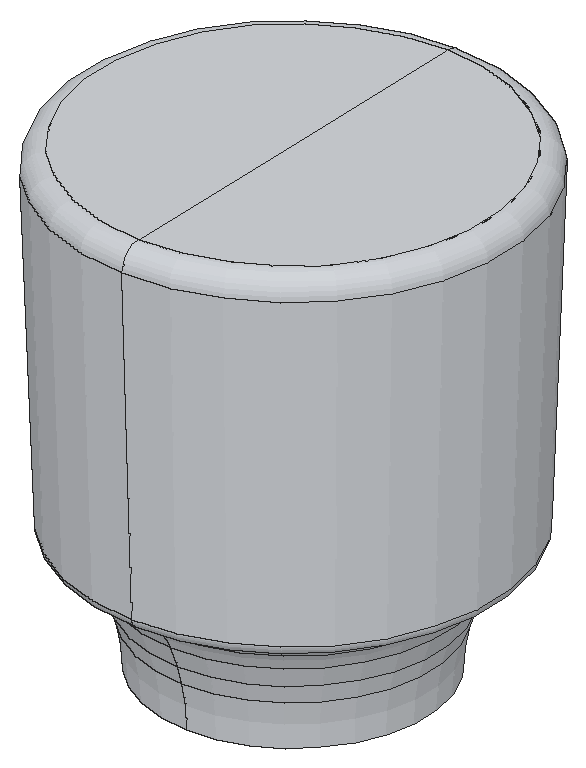
Revit family "Accessory-Cabinet_Knob-KOHLER-HELST-K-33529", category Specialty Equipment, host Face, Revit 2017
Family settings
  Host = Face
  Round Connector Dimension = Use Diameter
  Part Type = Normal
  OmniClass Number = 23.31.25.00
  OmniClass Title = Toilet and Bath Specialties
  Cut with Voids When Loaded = No
  Shared = No
  Room Calculation Point = No
Parameters (values of type "HF1-Polished Chrome")
  Width = 113/128"  # constant formula
  WaterSense Certified = 1 = 0  # no
  URL = "https://www.us.kohler.com/us/"
  Type = 1
  Product Page URL = "http://www.us.kohler.com/us/catalog/productDetails.jsp?productId=33529"
  Product Name = "HELST"  # constant formula
  Product Documentation Link = "https://www.us.kohler.com/webassets/kpna/catalog/pdf/en/K-33529_spec.pdf"
  Model = if(Type = 1, "K-33529-HF1", if(Type = 2, "K-33529-HF3", if(Type = 3, "K-33529-HF4", if(Type = 4, "K-33529-HF6", "NA"))))  # "K-33529-HF1"
  Material = "Zinc"  # constant formula
  Master Format 2014 Name = "Cabinet and Drawer Hardware"  # constant formula
  Master Format 2014 = "06 41 93"  # constant formula
  Manufacturer Address = "444 Highland Dr, Kohler, WI 53044"  # constant formula
  Manufacturer = "KOHLER Co."  # constant formula
  Length = 247/256"  # constant formula
  Height = 227/256"  # constant formula
  Finish = KOHLER-Metal-HF1-Chrome
  Environmental Product Declaration = ""
  Description = "CABINET KNOB 1 INCHES"  # constant formula
  Default Elevation = 0"
  Declare Label = ""
  Date Modified = "02/19/2021"  # constant formula
  Date Created = "02/19/2021"  # constant formula
  Copyright = "Copyright KOHLER Co."  # constant formula
  Contact Us = "https://www.us.kohler.com/us/static/contact.jsp"
  Assembly Code = "E20"
  ADA Compliant = 1 = 0  # no
Types (5): name | Type | Model | Finish
  (no name) | 1 | "K-33529-HF1" | KOHLER-Metal-HF1-Chrome
  HF1-Polished Chrome | 1 | "K-33529-HF1" | KOHLER-Metal-HF1-Chrome
  HF3-Matte Black | 2 | "K-33529-HF3" | KOHLER-Metal-HF3-Black
  HF4-Brushed Nickel | 3 | "K-33529-HF4" | KOHLER-Metal-HF4-Brushed_Nickel
  HF6-Modern Brushed Brass | 4 | "K-33529-HF6" | KOHLER-Metal-HF6-Modern_Brushed_Brass
Reference planes (in)
  plane 1 "Center (Front/Back)": y = 0
  plane 2: z = 0
  plane 3 "Center (Left/Right)": x = 0
  plane 4: y = -0.44267
  plane 5: y = 0.44405
  plane 6: y = 0.27556
  plane 7: y = -0.27556
  plane 8: z = 0.96484
  plane 9: x = -0.27584
  plane 10: x = 0.27584
  plane 11: x = 0.44157
  plane 12: x = -0.44125
Dimensions and locks (in)
  "Width": plane 12 to plane 11
  "Height": plane 4 to plane 5
  "Length": plane 8 to level
  aligned and locked: plane 2 to host face
  aligned and locked: level to host face
Automatic sketch dimensions
  host sketch curve to host sketch curve = 96"  (x2)
Nested families (in)
  nested 1: "K-33529" at (0, 0, 0), type "K-33529"
Definition of nested family "K-33529"
  Parameters (values of type "K-33529")
    Material = none
  Reference planes (in)
    plane 1 "Center (Front/Back)": y = 0
    plane 2: z = 0
    plane 3 "Center (Left/Right)": x = 0
    plane 4: y = 0.44267
    plane 5: y = 0.27556
    plane 6: y = -0.44267
    plane 7: y = -0.27556
    plane 8: z = 0.96457
    plane 9: x = 0.44157
    plane 10: x = 0.27584
    plane 11: x = -0.44157
    plane 12: x = -0.27584
  Forms (in)
    Revolve 1, solid, material <- "Material", detail levels medium+fine
      sketch origin (0, 0, 0) x (0, 1, 0) y (0, 0, 1)
        loop
          line (0, 0) -> (0.27556, 0)
          arc (0.27556, 0) -> (0.27874, 0.04614) -> (0.28778, 0.0915) r 0.36079
          arc (0.28778, 0.0915) -> (0.29306, 0.10989) -> (0.29899, 0.12808) r 0.52718
          arc (0.29899, 0.12808) -> (0.30695, 0.14952) -> (0.31583, 0.1706) r 0.52718
          arc (0.31583, 0.1706) -> (0.32613, 0.18975) -> (0.33911, 0.20719) r 0.14892
          arc (0.33911, 0.20719) -> (0.35014, 0.21931) -> (0.3618, 0.23084) r 0.31373
          arc (0.3618, 0.23084) -> (0.37895, 0.24224) -> (0.39889, 0.24738) r 0.06195
          arc (0.39889, 0.24738) -> (0.4127, 0.25402) -> (0.41865, 0.26813) r 0.02162
          line (0.41865, 0.26813) -> (0.44253, 0.92067)
          arc (0.44253, 0.92067) -> (0.4307, 0.95161) -> (0.4002, 0.96457) r 0.04235
          line (0.4002, 0.96457) -> (0, 0.96457) -> (0, 0)
        axis (0, 0.96457) -> (0, 0)
      angle from 0 to 360
    Revolve 2, solid, material <- "Material", detail levels coarse
      sketch origin (0, 0, 0) x (0, 1, 0) y (0, 0, 1)
        loop
          line (0, 0) -> (0.28061, 0)
          arc (0.28061, 0) -> (0.33776, 0.14273) -> (0.42413, 0.26991) r 0.71405
          line (0.42413, 0.26991) -> (0.46782, 0.96457) -> (0, 0.96457) -> (0, 0)
        axis (0, 0.96457) -> (0, 0)
      angle from 0 to 360
  Lines and regions (in)
    Masking region 1
      outline origin (0, 0, 0) x (0, 1, 0) y (0, 0, 1)
        loop
          arc (0.27556, 0) -> (0.28044, 0.05693) -> (0.29421, 0.11238) r 0.36227
          arc (0.29421, 0.11238) -> (0.30984, 0.15615) -> (0.33192, 0.19706) r 0.30593
          arc (0.33192, 0.19706) -> (0.3507, 0.22037) -> (0.37401, 0.23915) r 0.13987
          arc (0.37401, 0.23915) -> (0.38865, 0.24609) -> (0.40457, 0.24908) r 0.06326
          arc (0.40457, 0.24908) -> (0.41627, 0.26061) -> (0.41872, 0.27685) r 0.02599
          line (0.41872, 0.27685) -> (0.44267, 0.91982)
          arc (0.44267, 0.91982) -> (0.43171, 0.95024) -> (0.40272, 0.96457) r 0.04326
          line (0.40272, 0.96457) -> (0, 0.96457) -> (-0.40272, 0.96457)
          arc (-0.40272, 0.96457) -> (-0.43171, 0.95024) -> (-0.44267, 0.91982) r 0.04326
          line (-0.44267, 0.91982) -> (-0.41872, 0.27685)
          arc (-0.41872, 0.27685) -> (-0.41627, 0.26061) -> (-0.40457, 0.24908) r 0.02599
          arc (-0.40457, 0.24908) -> (-0.38865, 0.24609) -> (-0.37401, 0.23915) r 0.06326
          arc (-0.37401, 0.23915) -> (-0.3507, 0.22037) -> (-0.33192, 0.19706) r 0.13987
          arc (-0.33192, 0.19706) -> (-0.30984, 0.15615) -> (-0.29421, 0.11238) r 0.30593
          arc (-0.29421, 0.11238) -> (-0.28044, 0.05693) -> (-0.27556, 0) r 0.36227
          line (-0.27556, 0) -> (0.27556, 0)
    Masking region 2
      outline origin (0, 0, 0) x (1, 0, 0) y (0, 0, 1)
        loop
          arc (0.27556, 0) -> (0.28358, 0.07325) -> (0.30556, 0.14359) r 0.38086
          arc (0.30556, 0.14359) -> (0.32405, 0.1869) -> (0.3543, 0.22299) r 0.16072
          arc (0.3543, 0.22299) -> (0.36991, 0.23713) -> (0.38917, 0.24564) r 0.06606
          arc (0.38917, 0.24564) -> (0.4074, 0.24998) -> (0.41825, 0.26525) r 0.02661
          line (0.41825, 0.26525) -> (0.44157, 0.93097)
          arc (0.44157, 0.93097) -> (0.42739, 0.95473) -> (0.40152, 0.96457) r 0.04213
          line (0.40152, 0.96457) -> (0, 0.96457) -> (-0.40152, 0.96457)
          arc (-0.40152, 0.96457) -> (-0.42739, 0.95473) -> (-0.44157, 0.93097) r 0.04213
          line (-0.44157, 0.93097) -> (-0.41825, 0.26525)
          arc (-0.41825, 0.26525) -> (-0.4074, 0.24998) -> (-0.38917, 0.24564) r 0.02661
          arc (-0.38917, 0.24564) -> (-0.36991, 0.23713) -> (-0.3543, 0.22299) r 0.06606
          arc (-0.3543, 0.22299) -> (-0.32405, 0.1869) -> (-0.30556, 0.14359) r 0.16072
          arc (-0.30556, 0.14359) -> (-0.28358, 0.07325) -> (-0.27556, 0) r 0.38086
          line (-0.27556, 0) -> (0, 0) -> (0.27556, 0)
    Masking region 3
      outline origin (0, 0, 0) x (1, 0, 0) y (0, 1, 0)
        loop
          circle (0, 0) r 0.44157
    symbolic lines, detail levels medium+fine
      curve 1: circle (0, 0, 0) r 0.40728 normal (0, 0, 1)
      curve 2: line (0.38917, 0, 0.24564) -> (-0.38917, 0, 0.24564)
      curve 3: line (-0.41825, 0, 0.26525) -> (0.41825, 0, 0.26525)
      curve 4: line (0.44157, 0, 0.93097) -> (-0.44157, 0, 0.93097)
      curve 5: line (0, 0.4187, 0.26788) -> (0, -0.4187, 0.26788)
      curve 6: line (0, 0.40457, 0.24908) -> (0, -0.40457, 0.24908)
      curve 7: line (0, 0.4427, 0.92143) -> (0, -0.44273, 0.92143)
  Dimensions and locks (in)
    level to plane 8 = 0.96457"
    plane 4 to plane 6 = 0.88533"
    plane 11 to plane 9 = 0.88313"
    aligned and locked: level to plane 2
